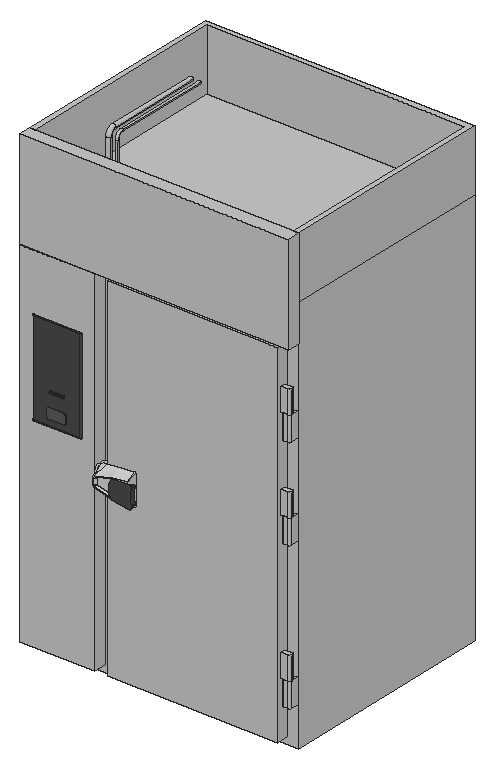
Revit family "QF_ALPENINOX_729260_ABFA22RDE", category Specialty Equipment, Revit 2018 (continued)
Definition of nested family "ALP_Logo_XS"
  Forms (mm)
    Extrusion 2, solid
      sketch origin (17.793, -46.218, 0) x (-1, 0, 0) y (0, -1, 0)
        loop
          spline (-7.232, -51.417) -> (-6.524, -51.371) -> (-5.858, -51.236) -> (-5.238, -51.018) -> (-4.666, -50.722) -> (-4.148, -50.353) -> (-3.687, -49.918) -> (-3.286, -49.422) -> (-2.95, -48.87) -> (-2.682, -48.267) -> (-2.486, -47.62) -> (-2.366, -46.934) -> (-2.325, -46.214)
          spline (-2.325, -46.214) -> (-2.366, -45.497) -> (-2.487, -44.812) -> (-2.684, -44.166) -> (-2.953, -43.564) -> (-3.29, -43.011) -> (-3.692, -42.514) -> (-4.154, -42.078) -> (-4.672, -41.709) -> (-5.243, -41.411) -> (-5.862, -41.192) -> (-6.527, -41.056) -> (-7.232, -41.01)
        loop
          spline (-7.232, -42.962) -> (-7.665, -42.993) -> (-8.059, -43.083) -> (-8.414, -43.227) -> (-8.731, -43.422) -> (-9.01, -43.661) -> (-9.251, -43.941) -> (-9.454, -44.257) -> (-9.62, -44.605) -> (-9.748, -44.979) -> (-9.839, -45.374) -> (-9.894, -45.788) -> (-9.912, -46.214)
          spline (-9.912, -46.214) -> (-9.894, -46.637) -> (-9.837, -47.049) -> (-9.744, -47.444) -> (-9.614, -47.818) -> (-9.446, -48.165) -> (-9.241, -48.482) -> (-8.998, -48.763) -> (-8.719, -49.003) -> (-8.403, -49.198) -> (-8.049, -49.344) -> (-7.659, -49.434) -> (-7.232, -49.466)
          spline (-7.232, -49.466) -> (-6.804, -49.434) -> (-6.414, -49.344) -> (-6.06, -49.198) -> (-5.743, -49.003) -> (-5.464, -48.763) -> (-5.222, -48.482) -> (-5.017, -48.165) -> (-4.849, -47.818) -> (-4.718, -47.444) -> (-4.625, -47.049) -> (-4.568, -46.637) -> (-4.55, -46.214)
          spline (-4.55, -46.214) -> (-4.568, -45.788) -> (-4.623, -45.374) -> (-4.714, -44.979) -> (-4.842, -44.605) -> (-5.008, -44.257) -> (-5.211, -43.941) -> (-5.452, -43.661) -> (-5.731, -43.422) -> (-6.048, -43.227) -> (-6.404, -43.083) -> (-6.798, -42.993) -> (-7.232, -42.962)
        loop
          arc (-12.168, -42.806) -> (-12.411, -41.323) -> (-13.895, -41.561) r 1.064
          line (-13.895, -41.561) -> (-16.234, -44.786) -> (-18.574, -41.561)
          arc (-18.574, -41.561) -> (-20.072, -41.304) -> (-20.3, -42.806) r 1.064
          line (-20.3, -42.806) -> (-17.477, -46.566) -> (-19.787, -49.678)
          arc (-19.787, -49.678) -> (-19.432, -51.089) -> (-18.004, -50.81) r 1.057
          line (-18.004, -50.81) -> (-16.234, -48.321) -> (-14.389, -50.918)
          arc (-14.389, -50.918) -> (-12.91, -51.16) -> (-12.683, -49.678) r 1.055
          line (-12.683, -49.678) -> (-14.994, -46.566) -> (-12.168, -42.806)
      from 0 to 1.644
  Dimensions and locks
    aligned and locked: plane 2 to Extrusion 1
    aligned and locked: level to Extrusion 1
Types (2, lengths in mm): name | URL | Phase | Model | Manufacturer | Description
  (no name) | 0 | 0 | 0 | 0 | 0
  QF_ALPENINOX_729260_ABFA22RDE.rfa | "http://www.alpeninox.com" | 3 | "ABFA22RDE" | "Alpeninox" | "CRIO CHILL BLAST CHILLER FREEZER 200/170KG 20 GN 2/1 - DISASSEMBLED - REMOTE REFRIGERATING UNIT"
